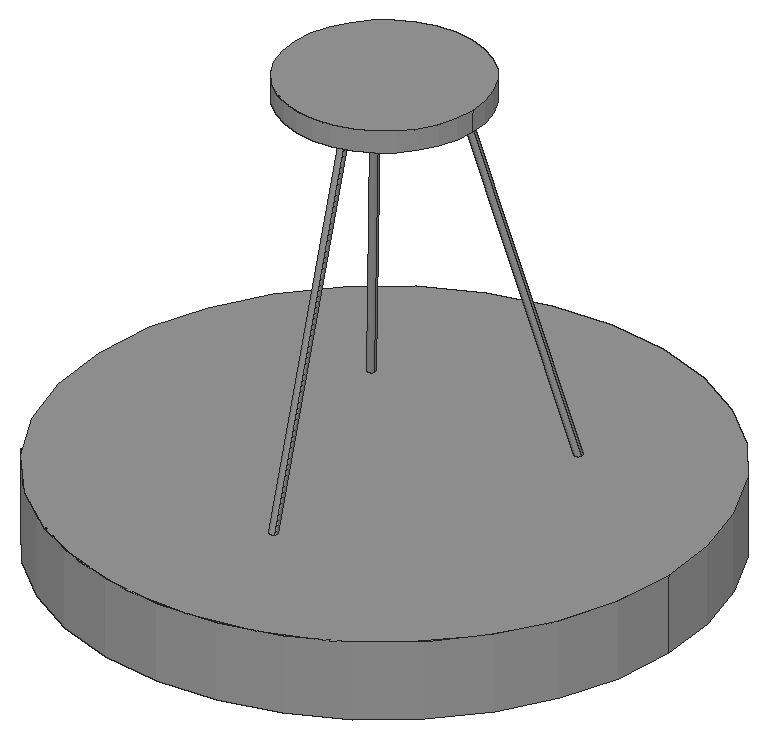
Revit family "METEOR_GM_90W_4000K_7200LM", category Lighting Fixtures, host Ceiling, Revit 2021
Family settings
  Host = Ceiling
  Round Connector Dimension = Use Diameter
  Part Type = Normal
  OmniClass Number = 23.80.70.11
  OmniClass Title = Luminaries for Internal Lighting
  Always vertical = Yes
  Cut with Voids When Loaded = No
  Light Source = Yes
  Shared = No
  Room Calculation Point = No
Parameters (values of type "Type 1")
  Wattage = 48.4712 W
  built-in parameter 1150110 = 1 (stored number, unit not read)
  Type de lampe = "LED Hongli"
  Type = "Plafonnier"
  built-in parameter 1114217 = 1 (stored number, unit not read)
  Tilt Angle = 90.00°
  built-in parameter 1150109 = 1 (stored number, unit not read)
  built-in parameter 1150134 = 12
  built-in parameter 1150113 = 1 (stored number, unit not read)
  Puissance nominale = "90W (2x45W)"
  Photometric Web File = "google_eulumdat_converter (23).ies"
  Matériau = "Corps en métal"
  Lumens = 7200 lm
  built-in parameter 1150115 = 1 (stored number, unit not read)
  built-in parameter 1150105 = 572.96 (stored number, unit not read)
  built-in parameter 1150137 = (empty or 0)
  built-in parameter 1150139 = (empty or 0)
  built-in parameter 1150112 = 1 (stored number, unit not read)
  built-in parameter 1150114 = 1 (stored number, unit not read)
  built-in parameter 1150132 = 2
  built-in parameter 1150102 = (empty or 0)
  built-in parameter 1150138 = (empty or 0)
  built-in parameter 1150107 = 4000 (stored number, unit not read)
  built-in parameter 1150106 = 5.7296 (stored number, unit not read)
  IRC = ">80"
  Fintion = "Blanc"
  built-in parameter 1150104 = 13.8 (stored number, unit not read)
  Driver = "Lifud No Flicker (2 pcs)"
  Dimming Lamp Color Temperature Shift = <None>
  Dimensions = "Ø800 mm, H : 98 mm"
  Diffuseur = "Acrylique"
  Default Elevation = 0 mm
  Color Filter = 16777215
  built-in parameter 1114218 = 1 (stored number, unit not read)
  built-in parameter 1150133 = 10 (stored number, unit not read)
  Angle d'éclairage = "120°"
  Alimentation luminaire = "2x1050mA / 25-42V dc"
  Alimentation Driver = "AC 220-240V"
Reference planes
  plane 1 "Light Source Axis (F/B)": y = 0
  plane 2: z = 0
  plane 3 "Light Source Axis (L/R)": x = 0
  plane 4 "Ceiling": z = 4000
  plane 5 "Light Source Elevation": z = 3411.095
Forms (mm)
  Extrusion 1, solid, material "Metal, Paint Finish, White, Matte"
    sketch origin (0, 0, 4000) x (0, 1, 0) y (-1, 0, 0)
      loop
        circle (0, 0) r 125
    from 0 to -27
  Extrusion 2, solid, material "Metal, Paint Finish, White, Matte"
    sketch origin (0, 0, 4000) x (0, 1, 0) y (-1, 0, 0)
      loop
        circle (0, 0) r 400
    from -587 to -489
  Extrusion 3, void
    sketch origin (0, 0, 4000) x (0, 1, 0) y (-1, 0, 0)
      loop
        circle (0, 0) r 390
    from -678.449 to -509.32
  Extrusion 4, solid, material "Glass, White, High Luminance"
    sketch origin (0, 0, 4000) x (0, 1, 0) y (-1, 0, 0)
      loop
        circle (0, 0) r 390
    from -587 to -582.901
  Blend 5, solid, material "Metal, Paint Finish, White, Matte"
    base sketch origin (-2.103, -0.495, 4000) x (0, 1, 0) y (-1, 0, 0)
      loop
        circle (155.393, 140.306) r 5
    top sketch origin (-2.103, -0.495, 4000) x (0, 1, 0) y (-1, 0, 0)
      loop
        circle (55.742, 54.078) r 5
    from -489 to -27
  Blend 6, solid, material "Metal, Paint Finish, White, Matte"
    base sketch origin (12.712, -5.011, 4000) x (0, -1, 0) y (1, 0, 0)
      loop
        circle (-155.393, 140.306) r 5
    top sketch origin (12.712, -5.011, 4000) x (0, -1, 0) y (1, 0, 0)
      loop
        circle (-55.742, 54.078) r 5
    from -489 to -27
  Blend 7, solid, material "Metal, Paint Finish, White, Matte"
    base sketch origin (-5.947, 13.738, 4000) x (-0.645234, -0.763985, 0) y (0.763985, -0.645234, 0)
      loop
        circle (155.393, 140.306) r 5
    top sketch origin (-5.947, 13.738, 4000) x (-0.645234, -0.763985, 0) y (0.763985, -0.645234, 0)
      loop
        circle (55.742, 54.078) r 5
    from -489 to -27
Cuts and joins
  Extrusion 3 cuts Extrusion 2
Lines and regions (mm)
  reference lines
    curve 1: line (0, 0, 4000) -> (0, 0, 3973)
    curve 2: line (0, 0, 3973) -> (-40, 0, 3973)
    curve 3: line (0, 0, 3413) -> (0, 0, 3511)
Dimensions and locks
  equal spacing: host sketch curve, plane 3 "Light Source Axis (L/R)", host sketch curve
  equal spacing: host sketch curve, plane 1 "Light Source Axis (F/B)", host sketch curve
  host sketch curve to host sketch curve = 4000 mm  (x2)
  plane 4 "Ceiling" to host ceiling = 0 mm
  aligned and locked: plane 5 "Light Source Elevation" to imposter light
